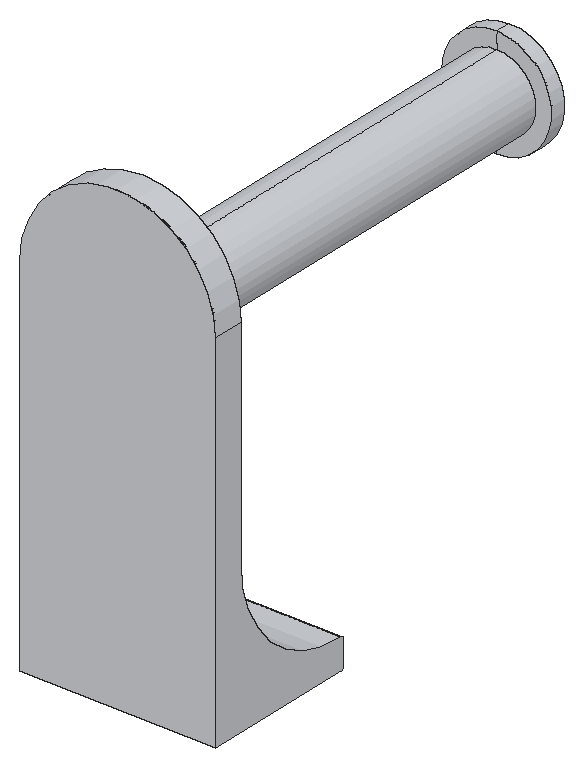
Revit family "Accessory-Tissue_Holder-KOHLER-LOURE-K-11583T_1", category Specialty Equipment, host Face, Revit 2017
Family settings
  Host = Face
  Round Connector Dimension = Use Diameter
  Part Type = Normal
  OmniClass Number = 23.31.25.21
  OmniClass Title = Toilet Paper Dispensers
  Cut with Voids When Loaded = No
  Shared = No
  Room Calculation Point = No
Parameters (values of type "CP-Polished Chrome")
  Width = 2"  # constant formula
  WaterSense Certified = 1 = 0  # no
  URL = "http://www.kohler.com.cn/en/"
  Type = 1
  Product Page URL = "http://www.kohler.com.cn/product/K-11583T-CP/K-11583T-CP/"
  Product Name = "LOURE"  # constant formula
  Product Documentation Link = "http://files.kohler.com.cn/pdfs/k_11745t_47t_11582t_84t.pdf"
  Model = if(Type = 1, "K-11583T-CP", if(Type = 2, "K-11583T-2BL", "NA"))  # "K-11583T-CP"
  Material = "Premium Metal Construction"  # constant formula
  Master Format 2014 Name = "Toilet, Bath, and Laundry Accessories"  # constant formula
  Master Format 2014 = "10 28 00"  # constant formula
  Manufacturer Address = "158 Jiangchang 3rd Road Zhabei District Shanghai, 200436 China"  # constant formula
  Manufacturer = "KOHLER Co."  # constant formula
  Length = 4 3/4"  # constant formula
  Height = 5"  # constant formula
  Finish = Kohler-Metal-CP-Polished_Chrome
  Environmental Product Declaration = ""
  Description = "Toilet paper holder (vertical type)"  # constant formula
  Default Elevation = 42"
  Declare Label = ""
  Date Modified = "06/08/2020"  # constant formula
  Date Created = "06/08/2020"  # constant formula
  Copyright = "Copyright KOHLER Co."  # constant formula
  Contact Us = "http://www.kohler.com.cn/en/contact/contact-us/"
  Assembly Code = "C1030200"
  ADA Compliant = 1 = 0  # no
Types (3): name | Type | Product Page URL | Model | Finish
  (no name) | 1 | "http://www.kohler.com.cn/product/K-11583T-CP/K-11583T-CP/" | "K-11583T-CP" | Kohler-Metal-CP-Polished_Chrome
  CP-Polished Chrome | 1 | "http://www.kohler.com.cn/product/K-11583T-CP/K-11583T-CP/" | "K-11583T-CP" | Kohler-Metal-CP-Polished_Chrome
  2BL-Original Black | 2 | "http://www.kohler.com.cn/product/K-11583T-CP/K-11583T-2BL/" | "K-11583T-2BL" | Kohler-Metal-2BL-Original_Black
Reference planes (in)
  plane 1 "Center (Front/Back)": y = 0
  plane 2: z = 0
  plane 3 "Center (Left/Right)": x = 0
  plane 4: x = 1
  plane 5: x = -1
  plane 6: y = 5
  plane 7: y = 1.625
  plane 8: z = 4.75
  plane 9: z = 3.91219
  plane 10: z = 3.12479
  plane 11: y = 0.31332
  plane 12: z = 4.08109
  plane 13: z = 2.95589
  plane 14: z = 0.31534
  plane 15: y = 4.83279
Dimensions and locks (in)
  "Width": plane 5 to plane 4
  "Length": plane 8 to level
  "Height": plane 6 to plane 1 "Center (Front/Back)"
  plane 7 to plane 1 "Center (Front/Back)" = 1 5/8"
  aligned and locked: plane 2 to host face
  aligned and locked: level to host face
Automatic sketch dimensions
  host sketch curve to host sketch curve = 96"  (x2)
Nested families (in)
  nested 1: "K-11583T" at (0, 0, 0), type "K-11583T"
Definition of nested family "K-11583T"
  Parameters (values of type "K-11583T")
    Material = none
  Reference planes (in)
    plane 1 "Center (Front/Back)": y = 0
    plane 2: z = 0
    plane 3 "Center (Left/Right)": x = 0
    plane 4: x = -1
    plane 5: x = 1
    plane 6: z = 4.75
    plane 7: y = 5
    plane 8: y = 1.625
  Forms (in)
    Extrusion 1, solid, material <- "Material", detail levels medium+fine
      sketch origin (0, 0, 3.51849) x (0, -1, 0) y (0, 0, 1)
        loop
          line (0, -3.51849) -> (0, 1.31155) -> (-0.31332, 1.31155) -> (-0.31332, -1.95353)
          arc (-0.31332, -1.95353) -> (-0.69033, -2.84817) -> (-1.59394, -3.20316) r 1.25
          arc (-1.59394, -3.20316) -> (-1.61586, -3.21177) -> (-1.625, -3.23347) r 0.03032
          line (-1.625, -3.23347) -> (-1.625, -3.49011)
          arc (-1.625, -3.49011) -> (-1.61669, -3.51018) -> (-1.59662, -3.51849) r 0.02838
          line (-1.59662, -3.51849) -> (0, -3.51849)
      from -0.99947 to 0.99947
    Extrusion 2, void
      sketch origin (0, 0, 3.51849) x (-1, 0, 0) y (0, 0, 1)
        loop
          arc (-0.99947, 0.23204) -> (0, 1.23151) -> (0.99947, 0.23204) r 0.99947
          line (0.99947, 0.23204) -> (1.3403, 0.23204) -> (1.3403, 1.41041) -> (-1.24947, 1.41041) -> (-1.24947, 0.23204) -> (-0.99947, 0.23204)
      from 0 to 0.39093
    Revolve 3, solid, material <- "Material", detail levels medium+fine
      sketch origin (0, 0, 3.51849) x (0, -1, 0) y (0, 0, 1)
        loop
          line (-5, 0) -> (-0.3, 0) -> (-0.3, 0.3937) -> (-4.83279, 0.3937) -> (-4.83279, 0.5626) -> (-4.98866, 0.5626)
          arc (-4.98866, 0.5626) -> (-4.99716, 0.28136) -> (-5, 0) r 13.96083
        axis (-5, 0) -> (-0.3, 0)
      angle from 0 to 360
    Extrusion 4, solid, material <- "Material", detail levels coarse
      sketch origin (0, 5, 3.51849) x (0, 1, 0) y (0, 0, 1)
        loop
          line (-5, 1.23151) -> (-5, -3.51849) -> (-3.375, -3.51849) -> (-3.375, -3.20222) -> (-4.68668, -3.20222) -> (-4.68668, 1.23151) -> (-5, 1.23151)
      from -1 to 1
    Extrusion 5, solid, material <- "Material", detail levels coarse
      sketch origin (0, 5, 3.51849) x (1, 0, 0) y (0, 0, 1)
        loop
          circle (0, 0) r 0.5626
      from 0 to 5
  Cuts and joins
    Extrusion 2 cuts Extrusion 1
    joined: Extrusion 1, Revolve 3
    joined: Extrusion 4, Extrusion 5
  Lines and regions (in)
    Masking region 1
      outline origin (0, 0, 3.51849) x (1, 0, 0) y (0, 0, 1)
        loop
          line (-1, 0.23151) -> (-1, -3.51849) -> (1, -3.51849) -> (1, 0.23151)
          arc (1, 0.23151) -> (0.70711, 0.93862) -> (0, 1.23151) r 1
          arc (0, 1.23151) -> (-0.70711, 0.93862) -> (-1, 0.23151) r 1
    Masking region 2
      outline origin (0, 0, 1.23151) x (0, -1, 0) y (0, 0, -1)
        loop
          line (0, -3.51849) -> (0, 1.23151) -> (-1.59662, 1.23151)
          arc (-1.59662, 1.23151) -> (-1.61669, 1.2232) -> (-1.625, 1.20313) r 0.02838
          line (-1.625, 1.20313) -> (-1.625, 0.94648)
          arc (-1.625, 0.94648) -> (-1.61586, 0.92478) -> (-1.59394, 0.91617) r 0.03032
          arc (-1.59394, 0.91617) -> (-0.69033, 0.56119) -> (-0.31332, -0.33345) r 1.25
          line (-0.31332, -0.33345) -> (-0.31332, -1.89328) -> (-4.83279, -1.89328) -> (-4.83279, -1.72438) -> (-4.98801, -1.72438)
          arc (-4.98801, -1.72438) -> (-4.99881, -2.00558) -> (-5, -2.28698) r 8.23139
          arc (-5, -2.28698) -> (-4.99881, -2.56838) -> (-4.98801, -2.84958) r 8.23139
          line (-4.98801, -2.84958) -> (-4.83279, -2.84958) -> (-4.83279, -2.68068) -> (-0.31332, -2.68068) -> (-0.31332, -3.51849) -> (0, -3.51849)
    Masking region 3
      outline origin (0, 0, 0) x (-1, 0, 0) y (0, -1, 0)
        loop
          line (1, 0) -> (-1, 0) -> (-1, -1.625) -> (-0.3937, -1.625) -> (-0.3937, -4.83279) -> (-0.5626, -4.83279) -> (-0.5626, -4.98842)
          arc (-0.5626, -4.98842) -> (-0.28136, -4.99711) -> (0, -5) r 13.67742
          arc (0, -5) -> (0.28136, -4.99711) -> (0.5626, -4.98842) r 13.67742
          line (0.5626, -4.98842) -> (0.5626, -4.83279) -> (0.3937, -4.83279) -> (0.3937, -1.625) -> (1, -1.625) -> (1, 0)
    symbolic lines, detail levels medium+fine
      curve 1: arc (0, 0, 4.08109) -> (-0.5626, 0, 3.51849) -> (0, 0, 2.95589) r 0.5626
      curve 2: arc (0, 0, 2.95589) -> (0.5626, 0, 3.51849) -> (0, 0, 4.08109) r 0.5626
      curve 3: line (-0.99947, 0, 0.31534) -> (0.99947, 0, 0.31534)
      curve 4: line (0, 4.83279, 3.91219) -> (0, 4.83279, 3.12479)
      curve 5: line (0, 0.31332, 3.91219) -> (0, 0.31332, 3.12479)
      curve 6: line (0.99947, 0.3, 0) -> (-0.99947, 0.3, 0)
      curve 7: line (0.3937, 4.83279, 0) -> (-0.3937, 4.83279, 0)
      curve 8: line (0.3937, 1.625, 0) -> (0.3937, 0.3, 0)
      curve 9: line (-0.3937, 1.625, 0) -> (-0.3937, 0.3, 0)
  Dimensions and locks (in)
    aligned and locked: plane 2 to level
